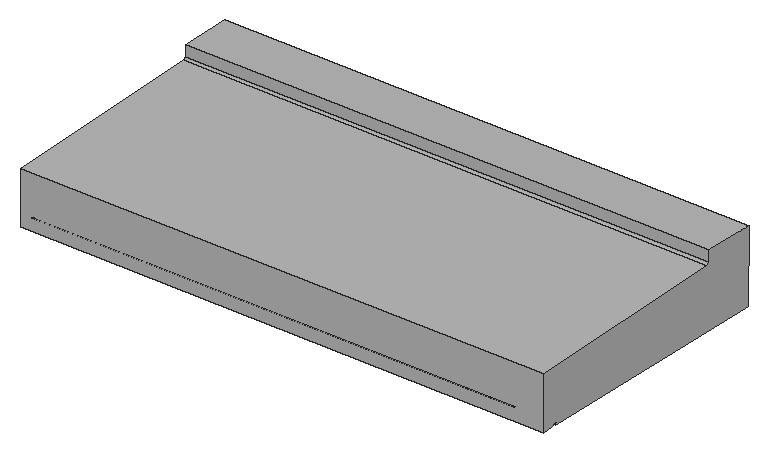
Revit family "M-Sill -S431", category Generic Models, Revit 2020
Family settings
  Can host rebar = No
  Round Connector Dimension = Use Diameter
  Part Type = Normal
  Work Plane-Based = No
  Always vertical = Yes
  Cut with Voids When Loaded = No
  Shared = No
  Room Calculation Point = No
Parameters
  Width of Seating = 95 mm
  Weight = "134Kg/m"
  Warranty Guarantor Parts = "n/a"
  Warranty Guarantor Labour = "n/a"
  Warranty Duration Unit = "n/a"
  Warranty Duration Parts = "n/a"
  Warranty Duration Labour = "n/a"
  Warranty Description = "n/a"
  URL = "www.killeshal.com"
  Types = "Single"
  Type Comments = "Visit our website for a full list of available products."
  Sustainability Performance = "n/a"
  Structural Class = "n/a"
  Span = "Ope Size + 205mm overhang."
  Slope = "0.00°"
  Size = "490mm x 140 to 100mm"
  Sill Width [instance] = 490 mm
  Sill Length [instance] = 1002 mm
  Sill Height [instance] = 140 mm
  Shape = "As per drawing"
  Service Life = "0.000000"
  Serial Number = "n/a"
  Resistance to Fire = "n/a"
  Replacement Cost = "n/a"
  Reference = "n/a"
  Notified Body = "n/a"
  Nominal Cover to Main Bar = "n/a"
  Model = "S/431 Sill"
  Mechanical Resistance = "n/a"
  Manufacturer = "Killeshal Precast Concrete Ltd."
  Load Bearing = no
  Life Cycle Environmental Load = "n/a"
  Length Options = "All sizes made to order."
  Keynote = "The information contained is the sole property of KPC Ltd., any reproduction in part or whole without permission of KPC Ltd. is prohibited."
  Front Face Dimension = 100 mm
  Environmental Product Declaration = "n/a"
  Environmental Class = "n/a"
  Durability against Corrosion = "n/a"
  Distance from Face to Seating = 395 mm
  Dimension Accuracy Class = "n/a"
  Detailing = "As per design specification and product drawings."
  Description = "Type M-Sill"
  Default Elevation = 0 mm
  Dangerous Substances = "n/a"
  Contact Tel = "0035357 9353018"
  Contact Email = "sales@killeshal.com"
  Construction Type = "Precast"
  Construction Tolerance Class = "n/a"
  Compressive Strength of Concrete = "n/a"
  Characteristics of Reinforcing Steel = "n/a"
  Characteristics Deflection Under Load = "n/a"
Reference planes
  plane 1 "Center (Front/Back)": y = 0
  plane 2: z = 0
  plane 3 "Center (Left/Right)": x = 0
  plane 4 "Rear": y = 245
  plane 5 "Front": y = -245
  plane 6 "Top": z = 140
  plane 7 "Center L/T": z = 100
  plane 8 "Center L/U": y = 150
  plane 9 "Center L/V": z = 115
Forms (mm)
  Extrusion 1, solid, material "Precast Concrete (KPC)"
    sketch origin (0, 0, 0) x (0, 1, 0) y (0, 0, 1)
      loop
        line (245, 0) -> (245, 140) -> (150, 140) -> (150, 118.707)
        arc (150, 118.707) -> (148.915, 115.968) -> (146.249, 114.715) r 4
        line (146.249, 114.715) -> (-245, 100) -> (-245, 0) -> (-225, 0)
        arc (-225, 0) -> (-220, 5) -> (-215, 0) r 5
        line (-215, 0) -> (245, 0)
    from 0 to 1002
Dimensions and locks
  "Sill Length": Extrusion 1 to Extrusion 1
  "Sill Width": Extrusion 1 to Extrusion 1
  plane 7 "Center L/T" to Extrusion 1 = 100 mm
  "Sill Height": Extrusion 1 to Extrusion 1
  plane 4 "Rear" to plane 8 "Center L/U" = 95 mm
  plane 6 "Top" to plane 9 "Center L/V" = 25 mm
  aligned and locked: level to plane 2
Automatic sketch dimensions
  Extrusion 1 sketch curve to level = 0 mm
  Extrusion 1 sketch curve to plane 5 "Front" = 0 mm
  Extrusion 1 sketch curve to plane 8 "Center L/U" = 0 mm
  Extrusion 1 sketch curve to plane 4 "Rear" = 0 mm
  Extrusion 1 sketch curve to plane 7 "Center L/T" = 0 mm
  Extrusion 1 sketch curve to plane 6 "Top" = 0 mm
  plane 5 "Front" to Extrusion 1 sketch curve = 20 mm
  Extrusion 1 sketch curve to Extrusion 1 sketch curve = 5 mm
  Extrusion 1 sketch curve to Extrusion 1 sketch curve = 4 mm
  Extrusion 1 sketch curve to plane 9 "Center L/V" = 0.285 mm
  Extrusion 1 sketch curve to plane 8 "Center L/U" = 3.751 mm
